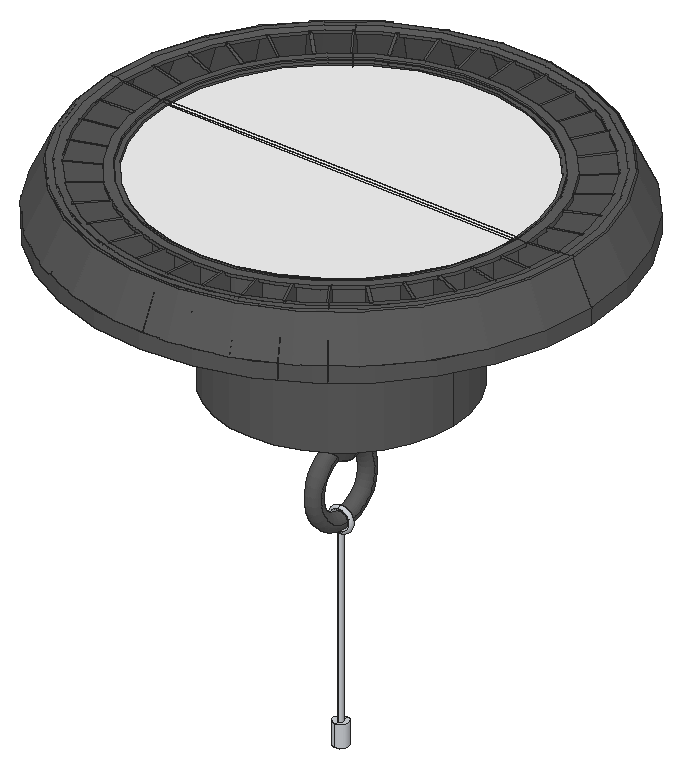
Revit family "0039367 Sylvania Lighting Fixture START HighBay IP65 DALI 26000lm 840 WB pendant", category Lighting Fixtures, host Face, Revit 2017
Family settings
  Host = Face
  Round Connector Dimension = Use Diameter
  Part Type = Normal
  OmniClass Number = 23.80.70.00
  OmniClass Title = Lighting
  Cut with Voids When Loaded = No
  Light Source = Yes
  Shared = No
  Room Calculation Point = No
Parameters (values of type "0039367 START HighBay IP65 DALI 26000lm 840 WB")
  WidthStraight_FEILO = if(SizeS_FEILO, 3 mm, if(SizeM_FEILO, 4 mm, 4.7 mm))  # 4.7 mm
  WidthRingChamfer_FEILO = if(SizeS_FEILO, 10.3 mm, if(SizeM_FEILO, 11.2 mm, 12.9 mm))  # 12.9 mm
  WidthCurved_FEILO = if(SizeS_FEILO, 17.4 mm, if(SizeM_FEILO, 16.4 mm, 26.2 mm))  # 26.2 mm
  WidthCurvedRing_FEILO = if(SizeS_FEILO, 3 mm, if(SizeM_FEILO, 4 mm, 4.7 mm))  # 4.7 mm
  WidthBracket_FEILO = 40 mm
  Weight = "3.7 kg"
  Wattage Comments = ""
  Wattage = 190 W
  WarrantyStartDate [instance] = "n/a"
  WarrantyGuarantorParts = "n/a"
  WarrantyDurationUnit = "n/a"
  WarrantyDurationParts = "n/a"
  WarrantyDescription = "n/a"
  built-in parameter 1150110 = 1 (stored number, unit not read)
  Voltage = 0 V
  VisibilityBracket_FEILO = no
  URL = "http://www.sylvania-lighting.com"
  TypeName = "START HighBay IP65 DALI 26000lm 840 WB"
  Type Image = <None>
  Type Comments = "n/a"
  built-in parameter 1114217 = 1 (stored number, unit not read)
  Tilt Angle = -90.00°
  ThicknessWall_FEILO = 1.5 mm
  ThicknessBracket_FEILO = 1.5 mm
  ThicknessBracketHalf_FEILO = ThicknessBracket_FEILO / 2  # 0.75 mm
  built-in parameter 1150109 = 1 (stored number, unit not read)
  built-in parameter 1150134 = 1
  SuspensionHeight_FEILO [instance] = 350 mm
  built-in parameter 1150113 = 1 (stored number, unit not read)
  SizeS_FEILO = no
  SizeM_FEILO = no
  SerialNumber [instance] = "n/a"
  Rib4_FEILO = if(SizeS_FEILO, 18.1 mm, if(SizeM_FEILO, 13.6 mm, 14.6 mm))  # 14.6 mm
  Rib3_FEILO = if(SizeS_FEILO, 15.3 mm, if(SizeM_FEILO, 17.6 mm, 20.2 mm))  # 20.2 mm
  Rib2_FEILO = if(SizeS_FEILO, 3.6 mm, if(SizeM_FEILO, 3.9 mm, 4.5 mm))  # 4.5 mm
  Rib1_FEILO = if(SizeS_FEILO, 15.1 mm, if(SizeM_FEILO, 16.5 mm, 19 mm))  # 19 mm
  RadiusDiffuser_FEILO = if(SizeS_FEILO, 95.2 mm, if(SizeM_FEILO, 105.3 mm, 120 mm))  # 120 mm
  RadiusArrayPost_FEILO = DriverRadius_FEILO - 6 mm  # 70.4 mm
  RHRadius3_FEILO = if(SizeS_FEILO, 6.6 mm, if(SizeM_FEILO, 7.4 mm, 8.6 mm))  # 8.6 mm
  RHRadius2_FEILO = if(SizeS_FEILO, 11 mm, if(SizeM_FEILO, 12 mm, 14 mm))  # 14 mm
  RHRadius1_FEILO = if(SizeS_FEILO, 13.6 mm, if(SizeM_FEILO, 14.9 mm, 17.7 mm))  # 17.7 mm
  RHHeight4_FEILO = if(SizeS_FEILO, 7.3 mm, if(SizeM_FEILO, 8 mm, 9.2 mm))  # 9.2 mm
  RHHeight3_FEILO = if(SizeS_FEILO, 3.6 mm, if(SizeM_FEILO, 3.7 mm, 4.6 mm))  # 4.6 mm
  RHHeight2_FEILO = if(SizeS_FEILO, 2 mm, if(SizeM_FEILO, 2.2 mm, 2.6 mm))  # 2.6 mm
  RHHeight1_FEILO = if(SizeS_FEILO, 11.8 mm, if(SizeM_FEILO, 15.3 mm, 17.4 mm))  # 17.4 mm
  Photometric Web File = "0039367.ies"
  Material_3_FEILO = LED-Sylvania-StartHighbay-Glow
  PowerFactor = 0.95
  PowerConsumption = "190 W"
  NominalLength = 339 mm
  NominalHeight = 189 mm
  NominalDepth = 339 mm
  Name = "START HighBay IP65 DALI 26000lm 840 WB"
  ModelReference = Name  # "START HighBay IP65 DALI 26000lm 840 WB"
  ModelNumber = "0039367"
  Model = Name  # "START HighBay IP65 DALI 26000lm 840 WB"
  Material = "aluminium alloy housing, polycarbonate diffuser"
  ManufacturerName = "Feilo Sylvania"
  Manufacturer = "Feilo Sylvania"
  LuminousEfficacy = "130 lm/W"
  built-in parameter 1150105 = 1965.6 (stored number, unit not read)
  Lumens = 24700 lm
  LuminaireType = ""
  built-in parameter 1150115 = 1 (stored number, unit not read)
  LightOutputRatio = "n/a"
  built-in parameter 1150137 = (empty or 0)
  built-in parameter 1150139 = (empty or 0)
  LampsType = Lamp  # "LED"
  LampNominalLuminous = "24700 lm"
  LampMacAdamStep = "6"
  LampColourTemperature = "6500 K"
  LampColourRenderingIndex = "80"
  built-in parameter 1150112 = 1 (stored number, unit not read)
  built-in parameter 1150114 = 1 (stored number, unit not read)
  Lamp = "LED"
  Keynote = "16500"
  InstallationDate [instance] = "n/a"
  InputVoltage = "n/a"
  InputNominalFrequency = "50/60 Hz"
  built-in parameter 1150132 = (empty or 0)
  built-in parameter 1150102 = (empty or 0)
  built-in parameter 1150107 = 6500 (stored number, unit not read)
  built-in parameter 1150138 = (empty or 0)
  IngressProtection = "IP65"
  ImpactProtectionIndex = "IK08"
  built-in parameter 1150106 = 19.656 (stored number, unit not read)
  IfcExportType = "IfcLightFixtureType"
  IfcExportAs = "IfcLightFixtureType"
  HeightRing_FEILO = if(SizeS_FEILO, 19.8 mm, if(SizeM_FEILO, 32 mm, 36.8 mm))  # 36.8 mm
  HeightRingChamfer_FEILO = if(SizeS_FEILO, 11.7 mm, if(SizeM_FEILO, 23.2 mm, 26.6 mm))  # 26.6 mm
  EyeThickness_FEILO = if(SizeS_FEILO, 8.4 mm, if(SizeM_FEILO, 9.2 mm, 10.5 mm))  # 10.5 mm
  EyeThicknessHalf_FEILO = EyeThickness_FEILO / 2  # 5.25 mm
  EyeInner_FEILO = if(SizeS_FEILO, 13.8 mm, if(SizeM_FEILO, 15.1 mm, 17.3 mm))  # 17.3 mm
  ExpectedLife = 50000
  Emit from Circle Diameter = RadiusDiffuser_FEILO * 2  # 240 mm
  Emit Shape Visible in Rendering = no
  ElectricShockClassification = "Class I"
  built-in parameter 1150104 = 12.077 (stored number, unit not read)
  DurationUnit = "hours"
  DriverVerticalStraight_FEILO = if(SizeS_FEILO, 46.5 mm, if(SizeM_FEILO, 49.7 mm, 57 mm))  # 57 mm
  DriverVerticalChamfer_FEILO = if(SizeS_FEILO, 7.5 mm, if(SizeM_FEILO, 8.2 mm, 9.5 mm))  # 9.5 mm
  DriverRadius_FEILO = if(SizeS_FEILO, 61.4 mm, if(SizeM_FEILO, 67.2 mm, 76.4 mm))  # 76.4 mm
  DriverRadiusTop_FEILO = if(SizeS_FEILO, 42 mm, if(SizeM_FEILO, 45.3 mm, 52.4 mm))  # 52.4 mm
  DriverBottom_FEILO = if(SizeS_FEILO, 56 mm, if(SizeM_FEILO, 64.5 mm, 74 mm))  # 74 mm
  DocumentationLiterature = "http://www.sylvania-lighting.com/product/en-int/products/0039367"
  DimmingControlOptions = "Dimmable"
  Material_2_FEILO = Diffuser-Sylvania-StartHighbay-Transparent
  Radius_FEILO = if(SizeS_FEILO, 135 mm, if(SizeM_FEILO, 148 mm, 169.5 mm))  # 169.5 mm
  Dimming Lamp Color Temperature Shift = <None>
  DiameterWire_FEILO = 3 mm
  DiameterWireSupport_FEILO = 10 mm
  Description = "START Highbay, includes 1 m cables, black aluminium housing, 24,700 Lm, 190 W, 130 Lm/W, 6500 K, drive current: 4100 mA, CRI 80, 90° beam angle, DALI dimmable, IP65, IK08, 50,000 hrs (L80/B50), (D x H) 339 x 189 mm."
  Default Elevation = 1219.2 mm
  CreatedOn = "5/15/2018"
  CreatedBy = ""
  Cost = 0
  Color Filter = 16777215
  built-in parameter 1114216 [instance] = (empty or 0)
  ClassificationValue = "EF_70_80"
  ClassificationName = "Uniclass2015"
  Material_1_FEILO = Body-Sylvania-StartHighbay-Black
  BarCode [instance] = "n/a"
  built-in parameter 1114218 = 1 (stored number, unit not read)
  built-in parameter 1150133 = 10 (stored number, unit not read)
  AssetType = "Fixed"
  AssetIdentifier [instance] = "n/a"
  Assembly Code = "D5020200"
  Apparent Load = 190 VA
  Material_4_FEILO = none
Reference planes
  plane 1 "Center (Front/Back)": y = 0
  plane 2: z = 0
  plane 3 "Center (Left/Right)": x = 0
  plane 4: z = 350
  plane 5: x = -169.5
  plane 6: x = -156.6
  plane 7: z = 323.4
  plane 8: z = 313.2
  plane 9: x = -151.9
  plane 10: z = 347.375
  plane 11: x = -125.7
  plane 12: x = -120
  plane 13: x = -147.2
  plane 14: z = 348.375
  plane 15: z = 346.375
  plane 16: x = -117
  plane 17: z = 345.375
  plane 18: x = -168
  plane 19: x = -150.5
  plane 20: z = 308.7
  plane 21: x = -130.3
  plane 22: z = 294.1
  plane 23: x = -20
  plane 24: z = 276
  plane 25: x = -76.4
  plane 26: z = 219
  plane 27: x = -52.4
  plane 28: z = 209.5
  plane 29: x = -17.7
  plane 30: z = 192.1
  plane 31: z = 189.5
  plane 32: x = -14
  plane 33: z = 184.9
  plane 34: z = 175.7
  plane 35: x = -8.6
  plane 36: z = 158.4
  plane 37: z = 141.1
  plane 38: x = 5.25
  plane 39: x = -5.25
  plane 40: z = 130.6
  plane 41: z = 135.85
  plane 42: x = -162.3
  plane 43: x = -167
  plane 44: z = 311.7
  plane 45: x = -155.1
  plane 46: z = 247.5
  plane 47: y = -20
  plane 48: y = 20
  plane 49: x = 169.5
  plane 50: x = 156.6
  plane 51: x = 168
  plane 52: x = 162.3
  plane 53: x = 167
  plane 54: x = 155.1
  plane 55: z = 144.1
  plane 56: y = 1.5
  plane 57: y = -1.5
  plane 58: z = 142.6
  plane 59: z = 129.1
  plane 60: z = 127.6
  plane 61: y = -5
  plane 62: y = 5
  plane 63: z = 14
Forms (mm)
  Revolve 1, solid, material "Body-Sylvania-StartHighbay-Black" <- "Material_1_FEILO", detail levels medium+fine
    sketch origin (0, 0, 0) x (1, 0, 0) y (0, 0, 1)
      loop
        line (-169.5, 313.2) -> (-168, 313.2) -> (-168, 323.055) -> (-156.206, 347.375) -> (-147.2, 347.375) -> (-147.2, 349.137)
        arc (-147.2, 349.137) -> (-149.554, 349.547) -> (-151.9, 350) r 132.063
        line (-151.9, 350) -> (-156.141, 350)
        arc (-156.141, 350) -> (-156.63, 349.826) -> (-156.899, 349.383) r 0.774
        line (-156.899, 349.383) -> (-169.5, 323.4) -> (-169.5, 313.2)
      axis (0, 350) -> (0, 313.2)
    angle from 360 to 0
  Revolve 2, solid, material "Body-Sylvania-StartHighbay-Black" <- "Material_1_FEILO", detail levels medium+fine
    sketch origin (0, 0, 0) x (1, 0, 0) y (0, 0, 1)
      loop
        line (-125.7, 345.375) -> (-120, 345.375) -> (-120, 323.4) -> (0, 323.4) -> (0, 345.375) -> (-117, 345.375) -> (-117, 346.375) -> (-120, 346.375) -> (-120, 347.375) -> (-125.7, 347.375) -> (-125.7, 345.375)
      axis (0, 347.375) -> (0, 323.4)
    angle from 360 to 0
  Revolve 3, solid, material "Diffuser-Sylvania-StartHighbay-Transparent" <- "Material_2_FEILO", detail levels medium+fine
    sketch origin (0, 0, 0) x (1, 0, 0) y (0, 0, 1)
      loop
        line (-120, 346.375) -> (0, 346.375) -> (0, 348.375) -> (-120, 348.375) -> (-120, 346.375)
      axis (0, 348.375) -> (0, 346.375)
    angle from 360 to 0
  Revolve 4, solid, material "Body-Sylvania-StartHighbay-Black" <- "Material_1_FEILO"
    sketch origin (0, 0, 0) x (1, 0, 0) y (0, 0, 1)
      loop
        line (-76.4, 294.1) -> (-76.4, 219) -> (-52.4, 209.5) -> (-17.7, 209.5) -> (-17.7, 192.1) -> (-14, 189.5) -> (-14, 184.9) -> (-9.037, 176.426)
        arc (-9.037, 176.426) -> (-8.49, 175.894) -> (-7.753, 175.7) r 1.5
        line (-7.753, 175.7) -> (0, 175.7) -> (0, 294.1) -> (-76.4, 294.1)
      axis (0, 294.1) -> (0, 175.7)
    angle from 360 to 0
  Revolve 5, solid, material "Body-Sylvania-StartHighbay-Black" <- "Material_1_FEILO"
    sketch origin (0, 0, 0) x (1, 0, 0) y (0, 0, 1)
      loop
        circle (0, 135.85) r 5.25
      axis (5.25, 158.4) -> (-5.25, 158.4)
    angle from 360 to 0
  Extrusion 6, solid, material "Body-Sylvania-StartHighbay-Black" <- "Material_1_FEILO", visible <- "VisibilityBracket_FEILO"
    sketch origin (0, 0, 0) x (1, 0, 0) y (0, 0, 1)
      loop
        line (-167, 313.2) -> (-167, 311.7) -> (-157.35, 311.7)
        arc (-157.35, 311.7) -> (-156.82, 311.48) -> (-156.6, 310.95) r 0.75
        line (-156.6, 310.95) -> (-156.6, 247.5) -> (-155.1, 247.5) -> (-155.1, 311.7)
        arc (-155.1, 311.7) -> (-155.539, 312.761) -> (-156.6, 313.2) r 1.5
        line (-156.6, 313.2) -> (-167, 313.2)
      loop
        line (167, 313.2) -> (156.6, 313.2)
        arc (156.6, 313.2) -> (155.539, 312.761) -> (155.1, 311.7) r 1.5
        line (155.1, 311.7) -> (155.1, 247.5) -> (156.6, 247.5) -> (156.6, 310.95)
        arc (156.6, 310.95) -> (156.82, 311.48) -> (157.35, 311.7) r 0.75
        line (157.35, 311.7) -> (167, 311.7) -> (167, 313.2)
    from -20 to 20
  Extrusion 7, void
    sketch origin (0, 0, 0) x (0, 1, 0) y (0, 0, 1)
      loop
        arc (-10, 247.5) -> (-17.071, 250.429) -> (-20, 257.5) r 10
        line (-20, 257.5) -> (-25, 257.5) -> (-25, 242.5) -> (-10, 242.5) -> (-10, 247.5)
      loop
        line (10, 247.5) -> (10, 242.5) -> (25, 242.5) -> (25, 257.5) -> (20, 257.5)
        arc (20, 257.5) -> (17.071, 250.429) -> (10, 247.5) r 10
    from -156.6 to 156.6
  Revolve 8, solid, material "Body-Sylvania-StartHighbay-Black" <- "Material_1_FEILO", detail levels coarse
    sketch origin (0, 0, 0) x (1, 0, 0) y (0, 0, 1)
      loop
        line (0, 350) -> (-156.6, 350) -> (-169.5, 323.4) -> (-169.5, 313.2) -> (-150.5, 313.2) -> (-150.5, 308.7) -> (-130.3, 294.1) -> (0, 294.1) -> (0, 350)
      axis (0, 350) -> (0, 294.1)
    angle from 360 to 0
  Revolve 9, solid
    sketch origin (0, 0, 0) x (0, 1, 0) y (0, 0, 1)
      loop
        circle (0, 142.6) r 1.5
      axis (1.5, 135.85) -> (-1.5, 135.85)
    angle from 360 to 0
  Revolve 10, solid
    sketch origin (0, 0, 0) x (0, 1, 0) y (0, 0, 1)
      loop
        line (0, 0) -> (0, 129.1) -> (-1.5, 129.1) -> (-1.5, 14) -> (-5, 14) -> (-5, 0) -> (0, 0)
      axis (0, 0) -> (0, 129.1)
    angle from 360 to 0
Cuts and joins
  Extrusion 7 cuts Extrusion 6
Lines and regions (mm)
  reference lines
    curve 1: line (-169.5, 0, 323.4) -> (-156.6, 0, 350)
    curve 2: line (-125.7, 0, 347.375) -> (0, 0, 347.375)
    curve 3: arc (-125.7, 0, 347.375) -> (-138.866, 0, 348.033) -> (-151.9, 0, 350) r 132.063
    curve 4: line (-156.6, 0, 350) -> (-151.9, 0, 350)
    curve 5: line (-156.206, 0, 347.375) -> (-168, 0, 323.055)
    curve 6: line (-150.5, 0, 308.7) -> (-130.3, 0, 294.1)
    curve 7: line (-14, 0, 184.9) -> (-8.6, 0, 175.7)
    curve 8: circle (0, 0, 135.85) r 5.25 normal (0, -1, 0)
Dimensions and locks
  "Radius_FEILO": plane 3 "Center (Left/Right)" to plane 5
  "WidthRingChamfer_FEILO": plane 6 to plane 5
  "WidthStraight_FEILO": plane 9 to plane 6
  "WidthCurvedRing_FEILO": plane 13 to plane 9
  locked: plane 10 to plane 15 at 1
  locked: plane 14 to plane 10 at 1
  locked: plane 4 to plane 10 at 2.625
  locked: plane 15 to plane 17 at 1
  "ThicknessWall_FEILO": plane 18 to plane 5
  "ThicknessWall_FEILO": curve 5 to curve 1
  "HeightRingChamfer_FEILO": plane 4 to plane 7
  "HeightRing_FEILO": plane 4 to plane 8
  "RadiusDiffuser_FEILO": plane 3 "Center (Left/Right)" to plane 12
  locked: plane 16 to plane 12 at 3
  "WidthCurved_FEILO": plane 11 to plane 9
  "SuspensionHeight_FEILO": plane 4 to plane 2
  "Rib1_FEILO": plane 19 to plane 5
  "Rib2_FEILO": plane 8 to plane 20
  "Rib3_FEILO": plane 21 to plane 19
  "Rib4_FEILO": plane 20 to plane 22
  locked: plane 3 "Center (Left/Right)" to plane 23 at 20
  "DriverBottom_FEILO": plane 4 to plane 24
  "DriverRadius_FEILO": plane 3 "Center (Left/Right)" to plane 25
  "DriverVerticalStraight_FEILO": plane 24 to plane 26
  "DriverRadiusTop_FEILO": plane 3 "Center (Left/Right)" to plane 27
  "DriverVerticalChamfer_FEILO": plane 26 to plane 28
  "RHRadius1_FEILO": plane 3 "Center (Left/Right)" to plane 29
  "RHHeight2_FEILO": plane 30 to plane 31
  "RHRadius2_FEILO": plane 3 "Center (Left/Right)" to plane 32
  "RHHeight3_FEILO": plane 31 to plane 33
  "RHHeight4_FEILO": plane 33 to plane 34
  "RHRadius3_FEILO": plane 3 "Center (Left/Right)" to plane 35
  "RHHeight1_FEILO": plane 28 to plane 30
  "EyeInner_FEILO": plane 34 to plane 36
  "EyeInner_FEILO": plane 36 to plane 37
  equal spacing: plane 38, plane 3 "Center (Left/Right)", plane 39
  "EyeThickness_FEILO": plane 38 to plane 39
  "EyeThickness_FEILO": plane 37 to plane 40
  equal spacing: plane 37, plane 41, plane 40
  equal spacing: plane 6, plane 42, plane 18
  "ThicknessBracket_FEILO": plane 45 to plane 6
  "ThicknessBracket_FEILO": plane 8 to plane 44
  locked: plane 43 to plane 18 at 1
  equal spacing: plane 24, plane 46, plane 26
  equal spacing: plane 47, plane 1 "Center (Front/Back)", plane 48
  "WidthBracket_FEILO": plane 47 to plane 48
  "WidthRingChamfer_FEILO": plane 50 to plane 49
  "ThicknessWall_FEILO": plane 51 to plane 49
  equal spacing: plane 50, plane 52, plane 51
  "ThicknessBracket_FEILO": plane 54 to plane 50
  locked: plane 53 to plane 51 at 1
  "Radius_FEILO": plane 49 to plane 3 "Center (Left/Right)"
  equal spacing: plane 57, imposter light, plane 56
  "DiameterWire_FEILO": plane 57 to plane 56
  "DiameterWire_FEILO": plane 37 to plane 55
  equal spacing: plane 37, plane 58, plane 55
  "DiameterWire_FEILO": plane 60 to plane 40
  equal spacing: plane 60, plane 59, plane 40
  equal spacing: plane 61, plane 1 "Center (Front/Back)", plane 62
  "DiameterWireSupport_FEILO": plane 61 to plane 62
  locked: plane 63 to plane 2 at 14
  "EyeThicknessHalf_FEILO": radius of curve 8
  "ThicknessBracket_FEILO": radius of Extrusion 6 sketch curve  (x2)
  "ThicknessBracketHalf_FEILO": radius of Extrusion 6 sketch curve  (x2)
  "DiameterWire_FEILO": diameter of Revolve 9 sketch curve
  aligned and locked: plane 2 to host face
  aligned and locked: level to host face
  aligned and locked: plane 5 to curve 1
  aligned and locked: plane 6 to curve 1
  aligned and locked: plane 7 to curve 1
  aligned and locked: plane 10 to curve 2
  aligned and locked: plane 9 to curve 3
  aligned and locked: plane 4 to curve 3
  aligned and locked: plane 11 to curve 3
  aligned and locked: plane 4 to curve 4
  aligned and locked: plane 18 to curve 5
  aligned and locked: plane 10 to curve 5
  aligned and locked: Revolve 1 sketch curve to plane 3 "Center (Left/Right)"
  aligned and locked: Revolve 1 sketch curve to curve 3
  aligned and locked: Revolve 1 sketch curve to curve 1
  aligned and locked: plane 4 to Revolve 1 sketch curve
  aligned and locked: plane 9 to Revolve 1 sketch curve
  aligned and locked: Revolve 1 sketch curve to plane 13
  aligned and locked: Revolve 1 sketch curve to plane 10
  aligned and locked: plane 13 to Revolve 1 sketch curve
  aligned and locked: plane 10 to Revolve 1 sketch curve
  aligned and locked: Revolve 1 sketch curve to plane 18
  aligned and locked: Revolve 1 sketch curve to plane 8
  aligned and locked: plane 5 to Revolve 1 sketch curve  (x2)
  aligned and locked: Revolve 2 sketch curve to plane 3 "Center (Left/Right)"
  aligned and locked: plane 11 to Revolve 2 sketch curve
  aligned and locked: Revolve 2 sketch curve to curve 2
  aligned and locked: plane 15 to Revolve 2 sketch curve
  aligned and locked: Revolve 2 sketch curve to plane 16
  aligned and locked: plane 17 to Revolve 2 sketch curve  (x2)
  aligned and locked: Revolve 2 sketch curve to plane 12
  aligned and locked: plane 7 to Revolve 2 sketch curve
  aligned and locked: Revolve 3 sketch curve to plane 3 "Center (Left/Right)"
  aligned and locked: Revolve 3 sketch curve to plane 14
  aligned and locked: plane 3 "Center (Left/Right)" to Revolve 3 sketch curve
  aligned and locked: Revolve 3 sketch curve to plane 12
  aligned and locked: plane 15 to Revolve 3 sketch curve
  aligned and locked: Revolve 1 sketch curve to curve 5
  aligned and locked: plane 22 to curve 6
  aligned and locked: plane 21 to curve 6
  aligned and locked: plane 20 to curve 6
  aligned and locked: plane 19 to curve 6
  aligned and locked: plane 33 to curve 7
  aligned and locked: plane 32 to curve 7
  aligned and locked: plane 35 to curve 7
  aligned and locked: plane 34 to curve 7
  aligned and locked: Revolve 4 sketch curve to plane 3 "Center (Left/Right)"
  aligned and locked: Revolve 4 sketch curve to plane 25
  aligned and locked: plane 27 to Revolve 4 sketch curve
  aligned and locked: plane 28 to Revolve 4 sketch curve
  aligned and locked: plane 30 to Revolve 4 sketch curve
  aligned and locked: Revolve 4 sketch curve to plane 29
  aligned and locked: plane 31 to Revolve 4 sketch curve
  aligned and locked: Revolve 4 sketch curve to curve 7
  aligned and locked: Revolve 4 sketch curve to plane 32
  aligned and locked: plane 34 to Revolve 4 sketch curve
  aligned and locked: plane 3 "Center (Left/Right)" to Revolve 4 sketch curve
  aligned and locked: plane 3 "Center (Left/Right)" to curve 8
  aligned and locked: plane 41 to curve 8
  aligned and locked: Revolve 5 sketch curve to plane 36
  aligned and locked: Revolve 5 sketch curve to curve 8
  aligned and locked: plane 43 to Extrusion 6 sketch curve  (x2)
  aligned and locked: plane 8 to Extrusion 6 sketch curve  (x3)
  aligned and locked: Extrusion 6 sketch curve to plane 45
  aligned and locked: Extrusion 6 sketch curve to plane 46  (x2)
  aligned and locked: plane 6 to Extrusion 6 sketch curve
  aligned and locked: Extrusion 6 sketch curve to plane 44  (x2)
  aligned and locked: Extrusion 6 to plane 48
  aligned and locked: plane 47 to Extrusion 6
  aligned and locked: plane 53 to Extrusion 6 sketch curve
  aligned and locked: plane 50 to Extrusion 6 sketch curve
  aligned and locked: Extrusion 6 sketch curve to plane 54
  aligned and locked: Extrusion 7 sketch curve to Extrusion 7 sketch curve
  aligned and locked: Extrusion 7 to plane 6
  aligned and locked: Extrusion 7 to Extrusion 6
  aligned and locked: Revolve 4 sketch curve to plane 22
  aligned and locked: plane 23 to nested 1
  aligned and locked: plane 1 "Center (Front/Back)" to nested 1
  aligned and locked: Revolve 8 sketch curve to plane 3 "Center (Left/Right)"
  aligned and locked: Revolve 8 sketch curve to plane 4
  aligned and locked: plane 6 to Revolve 8 sketch curve
  aligned and locked: plane 4 to Revolve 8 sketch curve
  aligned and locked: plane 7 to Revolve 8 sketch curve
  aligned and locked: Revolve 8 sketch curve to plane 5
  aligned and locked: plane 8 to Revolve 8 sketch curve  (x2)
  aligned and locked: Revolve 8 sketch curve to plane 19
  aligned and locked: plane 20 to Revolve 8 sketch curve
  aligned and locked: plane 19 to Revolve 8 sketch curve
  aligned and locked: plane 21 to Revolve 8 sketch curve
  aligned and locked: plane 22 to Revolve 8 sketch curve  (x2)
  aligned and locked: Revolve 8 sketch curve to Revolve 8 sketch curve
  aligned and locked: imposter light to plane 4
  aligned and locked: plane 3 "Center (Left/Right)" to imposter light
  aligned and locked: imposter light to plane 1 "Center (Front/Back)"
  aligned and locked: Revolve 9 sketch curve to plane 41
  aligned and locked: Revolve 10 sketch curve to plane 1 "Center (Front/Back)"
  aligned and locked: plane 1 "Center (Front/Back)" to Revolve 10 sketch curve  (x2)
  aligned and locked: host face to Revolve 10 sketch curve
  aligned and locked: plane 63 to Revolve 10 sketch curve
  aligned and locked: Revolve 10 sketch curve to plane 61
  aligned and locked: Revolve 10 sketch curve to plane 57
  aligned and locked: plane 59 to Revolve 10 sketch curve
Automatic sketch dimensions
  host sketch curve to host sketch curve = 2438.4 mm  (x2)
  curve 2 to plane 3 "Center (Left/Right)" = 0 mm
  Revolve 1 sketch curve to plane 6 = 0.299 mm
  plane 6 to Revolve 1 sketch curve = 0.459 mm
  Revolve 1 sketch curve to level = 609.6 mm
  Revolve 1 sketch curve to Revolve 1 sketch curve = 2312.223 mm
  Revolve 2 sketch curve to plane 12 = 0 mm
  Revolve 2 sketch curve to plane 3 "Center (Left/Right)" = 0 mm
  Revolve 2 sketch curve to level = 609.6 mm
  Revolve 2 sketch curve to plane 4 = 2339.058 mm
  Revolve 3 sketch curve to level = 609.6 mm
  Revolve 3 sketch curve to plane 4 = 2339.058 mm
  Revolve 5 sketch curve to plane 5 = 1080 mm
  plane 38 to Revolve 5 sketch curve = 1219.2 mm
  Extrusion 7 sketch curve to plane 47 = 0 mm
  plane 46 to Extrusion 7 sketch curve = 0 mm  (x2)
  Extrusion 7 sketch curve to plane 48 = 0 mm
  plane 47 to Extrusion 7 sketch curve = 5 mm
  plane 1 "Center (Front/Back)" to Extrusion 7 sketch curve = 10 mm
  Extrusion 7 sketch curve to Extrusion 7 sketch curve = 10 mm
  plane 46 to Extrusion 7 sketch curve = 5 mm
  Extrusion 7 sketch curve to Extrusion 7 sketch curve = 5 mm
  Extrusion 7 sketch curve to plane 48 = 5 mm
  Revolve 4 sketch curve to plane 26 = 0 mm
  Revolve 4 sketch curve to plane 35 = 0.437 mm
  plane 35 to Revolve 4 sketch curve = 0.847 mm
  Revolve 4 sketch curve to plane 34 = 0.726 mm
  plane 40 to Revolve 4 sketch curve = 590.2 mm
  Revolve 4 sketch curve to plane 4 = 2339.058 mm
  Revolve 8 sketch curve to level = 609.6 mm
  Revolve 8 sketch curve to Revolve 8 sketch curve = 2386.058 mm
  Revolve 9 sketch curve to plane 1 "Center (Front/Back)" = 0 mm
  plane 58 to Revolve 9 sketch curve = 0 mm
  plane 47 to Revolve 9 sketch curve = 2534.941 mm
  Revolve 9 sketch curve to plane 48 = 2077.409 mm
  Revolve 10 sketch curve to Revolve 10 sketch curve = 609.6 mm
  Revolve 10 sketch curve to plane 4 = 2123.807 mm
Nested families
  nested 1: "Start Highbay Rib" at (0, 0, 347.375), type "Type Name", detail levels medium+fine
    with SuspensionHeight_FEILO 2.6 mm
  nested 2: "Start Highbay Rib" at (0, 0, 347.375) x (0.9877, 0.1564, 0) z (0, 0, 1), type "Type Name", detail levels medium+fine
    with SuspensionHeight_FEILO 2.6 mm
  nested 3: "Start Highbay Rib" at (0, 0, 347.375) x (0.9511, 0.309, 0) z (0, 0, 1), type "Type Name", detail levels medium+fine
    with SuspensionHeight_FEILO 2.6 mm
  nested 4: "Start Highbay Rib" at (0, 0, 347.375) x (0.891, 0.454, 0) z (0, 0, 1), type "Type Name", detail levels medium+fine
    with SuspensionHeight_FEILO 2.6 mm
  nested 5: "Start Highbay Rib" at (0, 0, 347.375) x (0.809, 0.5878, 0) z (0, 0, 1), type "Type Name", detail levels medium+fine
    with SuspensionHeight_FEILO 2.6 mm
  nested 6: "Start Highbay Rib" at (0, 0, 347.375) x (0.7071, 0.7071, 0) z (0, 0, 1), type "Type Name", detail levels medium+fine
    with SuspensionHeight_FEILO 2.6 mm
  nested 7: "Start Highbay Rib" at (0, 0, 347.375) x (0.5878, 0.809, 0) z (0, 0, 1), type "Type Name", detail levels medium+fine
    with SuspensionHeight_FEILO 2.6 mm
  nested 8: "Start Highbay Rib" at (0, 0, 347.375) x (0.454, 0.891, 0) z (0, 0, 1), type "Type Name", detail levels medium+fine
    with SuspensionHeight_FEILO 2.6 mm
  nested 9: "Start Highbay Rib" at (0, 0, 347.375) x (0.309, 0.9511, 0) z (0, 0, 1), type "Type Name", detail levels medium+fine
    with SuspensionHeight_FEILO 2.6 mm
  nested 10: "Start Highbay Rib" at (0, 0, 347.375) x (0.1564, 0.9877, 0) z (0, 0, 1), type "Type Name", detail levels medium+fine
    with SuspensionHeight_FEILO 2.6 mm
  nested 11: "Start Highbay Rib" at (0, 0, 347.375) x (0, 1, 0) z (0, 0, 1), type "Type Name", detail levels medium+fine
    with SuspensionHeight_FEILO 2.6 mm
  nested 12: "Start Highbay Rib" at (0, 0, 347.375) x (-0.1564, 0.9877, 0) z (0, 0, 1), type "Type Name", detail levels medium+fine
    with SuspensionHeight_FEILO 2.6 mm
  nested 13: "Start Highbay Rib" at (0, 0, 347.375) x (-0.309, 0.9511, 0) z (0, 0, 1), type "Type Name", detail levels medium+fine
    with SuspensionHeight_FEILO 2.6 mm
  nested 14: "Start Highbay Rib" at (0, 0, 347.375) x (-0.454, 0.891, 0) z (0, 0, 1), type "Type Name", detail levels medium+fine
    with SuspensionHeight_FEILO 2.6 mm
  nested 15: "Start Highbay Rib" at (0, 0, 347.375) x (-0.5878, 0.809, 0) z (0, 0, 1), type "Type Name", detail levels medium+fine
    with SuspensionHeight_FEILO 2.6 mm
  nested 16: "Start Highbay Rib" at (0, 0, 347.375) x (-0.7071, 0.7071, 0) z (0, 0, 1), type "Type Name", detail levels medium+fine
    with SuspensionHeight_FEILO 2.6 mm
  nested 17: "Start Highbay Rib" at (0, 0, 347.375) x (-0.809, 0.5878, 0) z (0, 0, 1), type "Type Name", detail levels medium+fine
    with SuspensionHeight_FEILO 2.6 mm
  nested 18: "Start Highbay Rib" at (0, 0, 347.375) x (-0.891, 0.454, 0) z (0, 0, 1), type "Type Name", detail levels medium+fine
    with SuspensionHeight_FEILO 2.6 mm
  nested 19: "Start Highbay Rib" at (0, 0, 347.375) x (-0.9511, 0.309, 0) z (0, 0, 1), type "Type Name", detail levels medium+fine
    with SuspensionHeight_FEILO 2.6 mm
  nested 20: "Start Highbay Rib" at (0, 0, 347.375) x (-0.9877, 0.1564, 0) z (0, 0, 1), type "Type Name", detail levels medium+fine
    with SuspensionHeight_FEILO 2.6 mm
  nested 21: "Start Highbay Rib" at (0, 0, 347.375) x (-1, 0, 0) z (0, 0, 1), type "Type Name", detail levels medium+fine
    with SuspensionHeight_FEILO 2.6 mm
  nested 22: "Start Highbay Rib" at (0, 0, 347.375) x (-0.9877, -0.1564, 0) z (0, 0, 1), type "Type Name", detail levels medium+fine
    with SuspensionHeight_FEILO 2.6 mm
  nested 23: "Start Highbay Rib" at (0, 0, 347.375) x (-0.9511, -0.309, 0) z (0, 0, 1), type "Type Name", detail levels medium+fine
    with SuspensionHeight_FEILO 2.6 mm
  nested 24: "Start Highbay Rib" at (0, 0, 347.375) x (-0.891, -0.454, 0) z (0, 0, 1), type "Type Name", detail levels medium+fine
    with SuspensionHeight_FEILO 2.6 mm
  nested 25: "Start Highbay Rib" at (0, 0, 347.375) x (-0.809, -0.5878, 0) z (0, 0, 1), type "Type Name", detail levels medium+fine
    with SuspensionHeight_FEILO 2.6 mm
  nested 26: "Start Highbay Rib" at (0, 0, 347.375) x (-0.7071, -0.7071, 0) z (0, 0, 1), type "Type Name", detail levels medium+fine
    with SuspensionHeight_FEILO 2.6 mm
  nested 27: "Start Highbay Rib" at (0, 0, 347.375) x (-0.5878, -0.809, 0) z (0, 0, 1), type "Type Name", detail levels medium+fine
    with SuspensionHeight_FEILO 2.6 mm
  nested 28: "Start Highbay Rib" at (0, 0, 347.375) x (-0.454, -0.891, 0) z (0, 0, 1), type "Type Name", detail levels medium+fine
    with SuspensionHeight_FEILO 2.6 mm
  nested 29: "Start Highbay Rib" at (0, 0, 347.375) x (-0.309, -0.9511, 0) z (0, 0, 1), type "Type Name", detail levels medium+fine
    with SuspensionHeight_FEILO 2.6 mm
  nested 30: "Start Highbay Rib" at (0, 0, 347.375) x (-0.1564, -0.9877, 0) z (0, 0, 1), type "Type Name", detail levels medium+fine
    with SuspensionHeight_FEILO 2.6 mm
  nested 31: "Start Highbay Rib" at (0, 0, 347.375) x (0, -1, 0) z (0, 0, 1), type "Type Name", detail levels medium+fine
    with SuspensionHeight_FEILO 2.6 mm
  nested 32: "Start Highbay Rib" at (0, 0, 347.375) x (0.1564, -0.9877, 0) z (0, 0, 1), type "Type Name", detail levels medium+fine
    with SuspensionHeight_FEILO 2.6 mm
  nested 33: "Start Highbay Rib" at (0, 0, 347.375) x (0.309, -0.9511, 0) z (0, 0, 1), type "Type Name", detail levels medium+fine
    with SuspensionHeight_FEILO 2.6 mm
  nested 34: "Start Highbay Rib" at (0, 0, 347.375) x (0.454, -0.891, 0) z (0, 0, 1), type "Type Name", detail levels medium+fine
    with SuspensionHeight_FEILO 2.6 mm
  nested 35: "Start Highbay Rib" at (0, 0, 347.375) x (0.5878, -0.809, 0) z (0, 0, 1), type "Type Name", detail levels medium+fine
    with SuspensionHeight_FEILO 2.6 mm
  nested 36: "Start Highbay Rib" at (0, 0, 347.375) x (0.7071, -0.7071, 0) z (0, 0, 1), type "Type Name", detail levels medium+fine
    with SuspensionHeight_FEILO 2.6 mm
  nested 37: "Start Highbay Rib" at (0, 0, 347.375) x (0.809, -0.5878, 0) z (0, 0, 1), type "Type Name", detail levels medium+fine
    with SuspensionHeight_FEILO 2.6 mm
  nested 38: "Start Highbay Rib" at (0, 0, 347.375) x (0.891, -0.454, 0) z (0, 0, 1), type "Type Name", detail levels medium+fine
    with SuspensionHeight_FEILO 2.6 mm
  nested 39: "Start Highbay Rib" at (0, 0, 347.375) x (0.9511, -0.309, 0) z (0, 0, 1), type "Type Name", detail levels medium+fine
    with SuspensionHeight_FEILO 2.6 mm
  nested 40: "Start Highbay Rib" at (0, 0, 347.375) x (0.9877, -0.1564, 0) z (0, 0, 1), type "Type Name", detail levels medium+fine
    with SuspensionHeight_FEILO 2.6 mm
Connectors
  electrical at (0, 0, 0), driven by "Apparent Load", driven by "PowerFactor", driven by "Voltage"
    settings: index 1, voltage 0 V, apparent load 190 VA, apparent load phase1 0 VA, apparent load phase2 0 VA, apparent load phase3 0 VA, power factor 0.95, load classification "Lighting", number of poles 1, system type 30, power factor state 1, is connector primary yes, connector utility no, sub classification motor no, connector description ""
Definition of nested family "Start Highbay Rib"
  Parameters (values of type "Type Name")
    WidthStraight_FEILO = if(SizeS_FEILO, 3 mm, if(SizeM_FEILO, 4 mm, 4.7 mm))  # 3 mm
    WidthRingChamfer_FEILO = if(SizeS_FEILO, 10.3 mm, if(SizeM_FEILO, 11.2 mm, 12.9 mm))  # 10.3 mm
    WidthCurved_FEILO = if(SizeS_FEILO, 17.4 mm, if(SizeM_FEILO, 16.4 mm, 26.2 mm))  # 17.4 mm
    WidthCurvedRing_FEILO = if(SizeS_FEILO, 3 mm, if(SizeM_FEILO, 4 mm, 4.7 mm))  # 3 mm
    WidthBracket_FEILO = 40 mm
    URL = "http://www.feilosylvania.com"
    Type Image = (empty or 0)
    Type Comments = "n/a"
    ThicknessWall_FEILO = 1.5 mm
    ThicknessBracket_FEILO = 1.5 mm
    ThicknessBracketHalf_FEILO = ThicknessBracket_FEILO / 2  # 0.75 mm
    SuspensionHeight_FEILO [instance] = 2.6 mm
    SizeS_FEILO = yes
    SizeM_FEILO = no
    Rib4_FEILO = if(SizeS_FEILO, 18.1 mm, if(SizeM_FEILO, 13.6 mm, 14.6 mm))  # 18.1 mm
    Rib3_FEILO = if(SizeS_FEILO, 15.3 mm, if(SizeM_FEILO, 17.6 mm, 20.2 mm))  # 15.3 mm
    Rib2_FEILO = if(SizeS_FEILO, 3.6 mm, if(SizeM_FEILO, 3.9 mm, 4.5 mm))  # 3.6 mm
    Rib1_FEILO = if(SizeS_FEILO, 15.1 mm, if(SizeM_FEILO, 16.5 mm, 19 mm))  # 15.1 mm
    RadiusRib_FEILO = 2 mm
    RadiusDiffuser_FEILO = if(SizeS_FEILO, 95.2 mm, if(SizeM_FEILO, 105.3 mm, 120 mm))  # 95.2 mm
    RHRadius3_FEILO = if(SizeS_FEILO, 6.6 mm, if(SizeM_FEILO, 7.4 mm, 8.6 mm))  # 6.6 mm
    RHRadius2_FEILO = if(SizeS_FEILO, 11 mm, if(SizeM_FEILO, 12 mm, 14 mm))  # 11 mm
    RHRadius1_FEILO = if(SizeS_FEILO, 13.6 mm, if(SizeM_FEILO, 14.9 mm, 17.7 mm))  # 13.6 mm
    RHHeight4_FEILO = if(SizeS_FEILO, 7.3 mm, if(SizeM_FEILO, 8 mm, 9.2 mm))  # 7.3 mm
    RHHeight3_FEILO = if(SizeS_FEILO, 3.6 mm, if(SizeM_FEILO, 3.7 mm, 4.6 mm))  # 3.6 mm
    RHHeight2_FEILO = if(SizeS_FEILO, 2 mm, if(SizeM_FEILO, 2.2 mm, 2.6 mm))  # 2 mm
    RHHeight1_FEILO = if(SizeS_FEILO, 11.8 mm, if(SizeM_FEILO, 15.3 mm, 17.4 mm))  # 11.8 mm
    Material_3_FEILO = none
    Model = ""
    Manufacturer = "Feilo Sylvania"
    Keynote = "16500"
    HeightRing_FEILO = if(SizeS_FEILO, 19.8 mm, if(SizeM_FEILO, 32 mm, 36.8 mm))  # 19.8 mm
    HeightRingChamfer_FEILO = if(SizeS_FEILO, 11.7 mm, if(SizeM_FEILO, 23.2 mm, 26.6 mm))  # 11.7 mm
    EyeThickness_FEILO = if(SizeS_FEILO, 8.4 mm, if(SizeM_FEILO, 9.2 mm, 10.5 mm))  # 8.4 mm
    EyeThicknessHalf_FEILO = EyeThickness_FEILO / 2  # 4.2 mm
    EyeInner_FEILO = if(SizeS_FEILO, 13.8 mm, if(SizeM_FEILO, 15.1 mm, 17.3 mm))  # 13.8 mm
    DriverVerticalStraight_FEILO = if(SizeS_FEILO, 46.5 mm, if(SizeM_FEILO, 49.7 mm, 57 mm))  # 46.5 mm
    DriverVerticalChamfer_FEILO = if(SizeS_FEILO, 7.5 mm, if(SizeM_FEILO, 8.2 mm, 9.5 mm))  # 7.5 mm
    DriverRadius_FEILO = if(SizeS_FEILO, 61.4 mm, if(SizeM_FEILO, 67.2 mm, 76.4 mm))  # 61.4 mm
    DriverRadiusTop_FEILO = if(SizeS_FEILO, 42 mm, if(SizeM_FEILO, 45.3 mm, 52.4 mm))  # 42 mm
    DriverBottom_FEILO = if(SizeS_FEILO, 56 mm, if(SizeM_FEILO, 64.5 mm, 74 mm))  # 56 mm
    Material_2_FEILO = none
    Radius_FEILO = if(SizeS_FEILO, 135 mm, if(SizeM_FEILO, 148 mm, 169.5 mm))  # 135 mm
    Description = ""
    Default Elevation = 1219.2 mm
    Cost = 0
    Material_1_FEILO = none
    Assembly Code = "D5020200"
    Material_4_FEILO = none
  Reference planes
    plane 1 "Center (Front/Back)": y = 0
    plane 2: z = 0
    plane 3 "Center (Left/Right)": x = 0
    plane 4: z = 2.6
    plane 5: x = -135
    plane 6: x = -124.7
    plane 7: z = -9.1
    plane 8: z = -17.2
    plane 9: x = -121.7
    plane 10: z = -0.025
    plane 11: x = -104.3
    plane 12: x = -95.2
    plane 13: x = -118.7
    plane 14: z = 0.975
    plane 15: z = -1.025
    plane 16: x = -92.2
    plane 17: z = -2.025
    plane 18: x = -133.5
    plane 19: x = -119.9
    plane 20: z = -20.8
    plane 21: x = -104.6
    plane 22: z = -38.9
    plane 23: x = -20
    plane 24: z = -53.4
    plane 25: x = -61.4
    plane 26: z = -99.9
    plane 27: x = -42
    plane 28: z = -107.4
    plane 29: x = -13.6
    plane 30: z = -119.2
    plane 31: z = -121.2
    plane 32: x = -11
    plane 33: z = -124.8
    plane 34: z = -132.1
    plane 35: x = -6.6
    plane 36: z = -145.9
    plane 37: z = -159.7
    plane 38: x = 4.2
    plane 39: x = -4.2
    plane 40: z = -168.1
    plane 41: z = -163.9
    plane 42: x = -129.1
    plane 43: x = -132.5
    plane 44: z = -18.7
    plane 45: x = -123.2
    plane 46: z = -76.65
    plane 47: y = -20
    plane 48: y = 20
    plane 49: x = 135
    plane 50: x = 124.7
    plane 51: x = 133.5
    plane 52: x = 129.1
    plane 53: x = 132.5
    plane 54: x = 123.2
    plane 55: y = 0.75
    plane 56: y = -0.75
  Forms (mm)
    Extrusion 1, solid
      sketch origin (4.2, 0, 0) x (1, 0, 0) y (0, 1, 0)
        loop
          line (-1219.2, 1219.2) -> (-1219.2, -1219.2) -> (1219.2, -1219.2) -> (1219.2, 1219.2) -> (-1219.2, 1219.2)
      from 0 to -68.017
    Extrusion 2, solid, material <- "Material_1_FEILO"
      sketch origin (0, 0, 0) x (1, 0, 0) y (0, 0, 1)
        loop
          arc (-104.3, -0.025) -> (-111.555, 0.423) -> (-118.7, 1.76) r 58.981
          line (-118.7, 1.76) -> (-118.7, -0.025) -> (-125.012, -0.025) -> (-133.5, -9.666) -> (-133.5, -17.2) -> (-119.9, -17.2) -> (-119.9, -20.068)
          arc (-119.9, -20.068) -> (-119.778, -20.755) -> (-119.427, -21.359) r 2
          line (-119.427, -21.359) -> (-104.966, -38.467)
          arc (-104.966, -38.467) -> (-104.381, -38.789) -> (-103.723, -38.9) r 2
          line (-103.723, -38.9) -> (-20, -38.9) -> (-20, -9.1) -> (-95.2, -9.1) -> (-95.2, -2.025) -> (-104.3, -2.025) -> (-104.3, -0.025)
      from -0.75 to 0.75
  Lines and regions (mm)
    reference lines
      curve 1: line (-135, 0, -9.1) -> (-124.7, 0, 2.6)
      curve 2: line (-104.3, 0, -0.025) -> (0, 0, -0.025)
      curve 3: arc (-104.3, 0, -0.025) -> (-113.098, 0, 0.635) -> (-121.7, 0, 2.6) r 58.981
      curve 4: line (-124.7, 0, 2.6) -> (-121.7, 0, 2.6)
      curve 5: line (-125.012, 0, -0.025) -> (-133.5, 0, -9.666)
      curve 6: line (-119.9, 0, -20.8) -> (-104.6, 0, -38.9)
  Dimensions and locks
    "Radius_FEILO": plane 3 "Center (Left/Right)" to plane 5
    "WidthRingChamfer_FEILO": plane 6 to plane 5
    "WidthStraight_FEILO": plane 9 to plane 6
    "WidthCurvedRing_FEILO": plane 13 to plane 9
    locked: plane 10 to plane 15 at 1
    locked: plane 14 to plane 10 at 1
    locked: plane 4 to plane 10 at 2.625
    locked: plane 15 to plane 17 at 1
    "ThicknessWall_FEILO": plane 18 to plane 5
    "ThicknessWall_FEILO": curve 5 to curve 1
    "HeightRingChamfer_FEILO": plane 4 to plane 7
    "HeightRing_FEILO": plane 4 to plane 8
    "RadiusDiffuser_FEILO": plane 3 "Center (Left/Right)" to plane 12
    locked: plane 16 to plane 12 at 3
    "WidthCurved_FEILO": plane 11 to plane 9
    "SuspensionHeight_FEILO": plane 4 to plane 2
    "Rib1_FEILO": plane 19 to plane 5
    "Rib2_FEILO": plane 8 to plane 20
    "Rib3_FEILO": plane 21 to plane 19
    "Rib4_FEILO": plane 20 to plane 22
    locked: plane 3 "Center (Left/Right)" to plane 23 at 20
    "DriverBottom_FEILO": plane 4 to plane 24
    "DriverRadius_FEILO": plane 3 "Center (Left/Right)" to plane 25
    "DriverVerticalStraight_FEILO": plane 24 to plane 26
    "DriverRadiusTop_FEILO": plane 3 "Center (Left/Right)" to plane 27
    "DriverVerticalChamfer_FEILO": plane 26 to plane 28
    "RHRadius1_FEILO": plane 3 "Center (Left/Right)" to plane 29
    "RHHeight2_FEILO": plane 30 to plane 31
    "RHRadius2_FEILO": plane 3 "Center (Left/Right)" to plane 32
    "RHHeight3_FEILO": plane 31 to plane 33
    "RHHeight4_FEILO": plane 33 to plane 34
    "RHRadius3_FEILO": plane 3 "Center (Left/Right)" to plane 35
    "RHHeight1_FEILO": plane 28 to plane 30
    "EyeInner_FEILO": plane 34 to plane 36
    "EyeInner_FEILO": plane 36 to plane 37
    equal spacing: plane 38, plane 3 "Center (Left/Right)", plane 39
    "EyeThickness_FEILO": plane 38 to plane 39
    "EyeThickness_FEILO": plane 37 to plane 40
    equal spacing: plane 37, plane 41, plane 40
    equal spacing: plane 6, plane 42, plane 18
    "ThicknessBracket_FEILO": plane 45 to plane 6
    "ThicknessBracket_FEILO": plane 8 to plane 44
    locked: plane 43 to plane 18 at 1
    equal spacing: plane 24, plane 46, plane 26
    equal spacing: plane 47, plane 1 "Center (Front/Back)", plane 48
    "WidthBracket_FEILO": plane 47 to plane 48
    "WidthRingChamfer_FEILO": plane 50 to plane 49
    "ThicknessWall_FEILO": plane 51 to plane 49
    equal spacing: plane 50, plane 52, plane 51
    "ThicknessBracket_FEILO": plane 54 to plane 50
    locked: plane 53 to plane 51 at 1
    "Radius_FEILO": plane 49 to plane 3 "Center (Left/Right)"
    equal spacing: plane 56, plane 1 "Center (Front/Back)", plane 55
    "ThicknessWall_FEILO": plane 56 to plane 55
    "RadiusRib_FEILO": radius of Extrusion 2 sketch curve  (x2)
    aligned and locked: plane 2 to Extrusion 1
    aligned and locked: level to Extrusion 1
    aligned and locked: plane 5 to curve 1
    aligned and locked: plane 6 to curve 1
    aligned and locked: plane 7 to curve 1
    aligned and locked: plane 10 to curve 2
    aligned and locked: plane 9 to curve 3
    aligned and locked: plane 4 to curve 3
    aligned and locked: plane 11 to curve 3
    aligned and locked: plane 4 to curve 4
    aligned and locked: plane 18 to curve 5
    aligned and locked: plane 10 to curve 5
    aligned and locked: plane 22 to curve 6
    aligned and locked: plane 21 to curve 6
    aligned and locked: plane 20 to curve 6
    aligned and locked: plane 19 to curve 6
    aligned and locked: Extrusion 2 sketch curve to plane 23
    aligned and locked: Extrusion 2 sketch curve to plane 22
    aligned and locked: Extrusion 2 sketch curve to curve 6
    aligned and locked: plane 19 to Extrusion 2 sketch curve
    aligned and locked: Extrusion 2 sketch curve to plane 8
    aligned and locked: Extrusion 2 sketch curve to curve 5
    aligned and locked: Extrusion 2 sketch curve to curve 3
    aligned and locked: Extrusion 2 to plane 55
    aligned and locked: plane 56 to Extrusion 2
    aligned and locked: curve 6 to Extrusion 2 sketch curve
  Automatic sketch dimensions
    Extrusion 1 sketch curve to Extrusion 1 sketch curve = 2438.4 mm  (x2)
    curve 2 to plane 3 "Center (Left/Right)" = 0 mm
    Extrusion 2 sketch curve to plane 18 = 0 mm
    Extrusion 2 sketch curve to plane 10 = 0 mm
    Extrusion 2 sketch curve to plane 13 = 0 mm
    Extrusion 2 sketch curve to plane 7 = 0 mm
    Extrusion 2 sketch curve to plane 12 = 0 mm
    Extrusion 2 sketch curve to plane 17 = 0 mm
    plane 19 to Extrusion 2 sketch curve = 0.473 mm
    Extrusion 2 sketch curve to plane 21 = 0.366 mm
